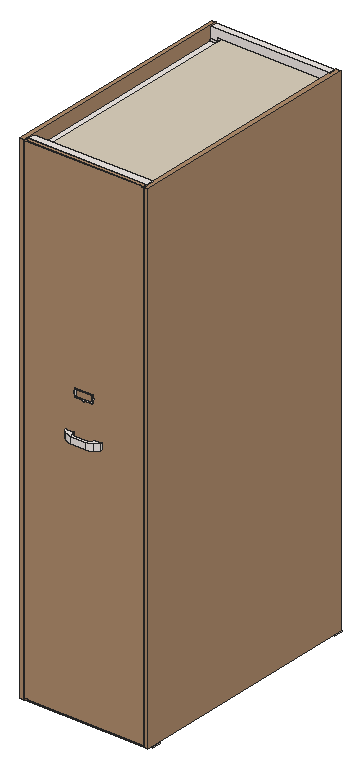
Revit family "MusicLibrarySystem_Wenger_7-Shelf_Single", category Furniture, Revit 2015
Parameters (values of type "Oversized")
  URL = "https://www.wengercorp.com/"
  Type Comments = "7 Shelf, Oversized, 1 Unit"
  Test Data = ""
  Specification = "http://www.arcat.com/sdspecs/htm04/12_35_83wen.htm"
  Show Open [instance] = no
  Shelf Finish = Wenger Oyster (Use Oyster Edge Band Only)
  Shelf Depth = 2' - 10 1/2"
  Sales Information = "https://www.wengercorp.com/contact-us.php"
  Revision = "R1_2018-04"
  Product Data = "http://www.arcat.com/arcatcos/cos36/arc36487.html"
  Model = "7 Shelf Oversized"
  Manufacturer Website = "https://www.wengercorp.com/"
  Manufacturer Phone - Toll Free = "800-4WENGER"
  Manufacturer Phone = "(507) 455-4100"
  Manufacturer Fax = "(507) 455-4258"
  Manufacturer Address = "555 Park Dr., Owatonna, MN 55060"
  Manufacturer = "Wenger Corporation"
  Keynote = "12 35 83"
  Green Building-LEED = "http://www.arcat.com/green/clients/leed_data_36487.html"
  Panel Thickness = 0' - 0 3/4"
  Panel RH [instance] = yes
  Panel LH [instance] = yes
  Panel Finish [instance] = Wenger Cherry (Use Cherry Edge Band Only)
  Open Position [instance] = if((Show Open), 6' 7 1/4", Depth)  # 3' - 7 1/4"
  Height to Bottom Shelf = 0' - 8"
  Height = 7' - 8"
  Tubular Frame Width = 0' - 1 1/2"
  Overall Width = 1' - 10"
  Hardware Finish = Metal - White Powdercoat
  Frame Finish = Metal - White Powdercoat
  Floor Offset = 0' - 0 1/8"
  Edge Banding Finish = Wenger Cherry (Use Cherry Edge Band Only)
  Drawn By = "Sumex Design, Inc. / Robert S. Weygant, CSI, CDT, SCIP"
  Description = "Wenger 7 Shelf Oversized Music Library System"
  Depth = 3' - 7 1/4"
  Cost = 0
  Copyright = "© 2018 Arcat Inc."
  Construction Details = "http://www.arcat.com/details/wengerco/wengerco.html?coid=36487"
  Assembly Code = "E2010200"
Types (2): name | Type Comments | Model | Overall Width | Description
  Oversized | "7 Shelf, Oversized, 1 Unit" | "7 Shelf Oversized" | 1' - 10" | "Wenger 7 Shelf Oversized Music Library System"
  UltraStor | "7 Shelf, Standard, 1 Unit" | "7 Shelf Standard" | 1' - 7" | "Wenger 7 Shelf Standard Music Library System"
Reference planes (in)
  plane 1 "Center (Front/Back)": y = 0.125
  plane 2: z = 0
  plane 3 "Center (Left/Right)": x = 0
  plane 4 "Frame Back": y = 21.75
  plane 5 "Frame Front": y = -21.5
  plane 6 "LEFT ECP INSIDE": x = -9.5
  plane 7 "LEFT ECP OUTSIDE": x = -11
  plane 8 "RIGHT ECP INSIDE": x = 9.5
  plane 9 "RIGHT ECP OUTSIDE": x = 11
  plane 10: z = 92
  plane 11: z = 56
  plane 12: z = 44
  plane 13: z = 32
  plane 14: z = 20
  plane 15 "Bottom Shelf": z = 8
  plane 16: z = 68
  plane 17 "Carriage Front": y = -21.5
  plane 18 "Carriage Back": y = 13
  plane 19 "Door Front": y = -22.25
  plane 20: y = 20.25
  plane 21: y = -20
  plane 22: z = 8.75
  plane 23: z = 7.25
  plane 24: z = 90
  plane 25 "Handle Height": z = 46.125
  plane 26: y = -23.625
  plane 27: z = 53.125
  plane 28 "BO Frame": z = 0.125
  plane 29: x = -11.75
  plane 30: x = 11.75
  plane 31: z = 80
Forms (in)
  Extrusion 1, solid, material "Metal - White Powdercoat" <- "Frame Finish"
    sketch origin (0, 0, 0) x (1, 0, 0) y (0, 1, 0)
      loop
        line (-11, 21.75) -> (-11, 20.25) -> (-9.5, 20.25) -> (-9.5, 21.75) -> (-11, 21.75)
      loop
        line (-10.9375, 21.6875) -> (-10.9375, 20.3125) -> (-9.5625, 20.3125) -> (-9.5625, 21.6875) -> (-10.9375, 21.6875)
      loop
        line (-11, -20) -> (-11, -21.5) -> (-9.5, -21.5) -> (-9.5, -20) -> (-11, -20)
      loop
        line (-10.9375, -20.0625) -> (-10.9375, -21.4375) -> (-9.5625, -21.4375) -> (-9.5625, -20.0625) -> (-10.9375, -20.0625)
    from 0.125 to 90
  Extrusion 2, solid, material "Metal - White Powdercoat" <- "Frame Finish"
    sketch origin (17.5, 0, 0) x (1, 0, 0) y (0, 1, 0)
      loop
        line (-8, 21.75) -> (-8, 20.25) -> (-6.5, 20.25) -> (-6.5, 21.75) -> (-8, 21.75)
      loop
        line (-7.9375, 21.6875) -> (-7.9375, 20.3125) -> (-6.5625, 20.3125) -> (-6.5625, 21.6875) -> (-7.9375, 21.6875)
      loop
        line (-8, -20) -> (-8, -21.5) -> (-6.5, -21.5) -> (-6.5, -20) -> (-8, -20)
      loop
        line (-7.9375, -20.0625) -> (-7.9375, -21.4375) -> (-6.5625, -21.4375) -> (-6.5625, -20.0625) -> (-7.9375, -20.0625)
    from 0.125 to 90
  Extrusion 3, solid, material "Wenger Cherry (Use Cherry Edge Band Only)" <- "Panel Finish"
    sketch origin (0, -21.5, 0) x (0, 0, 1) y (-1, 0, 0)
      loop
        line (92, 11) -> (0.125, 11) -> (0.125, -11) -> (92, -11) -> (92, 11)
    from 0 to 0.75 <- "Panel Thickness"
  Sweep 4, void
    path in 3D
      loop
        line (-11, -22.25, 0.125) -> (11, -22.25, 0.125) -> (11, -22.25, 92) -> (-11, -22.25, 92) -> (-11, -22.25, 0.125)
    profile origin (-11, -22.25, 46.0625) x (-1, 0, 0) y (0, -1, 0)
      loop
        line (0, 0) -> (-0.125, 0)
        arc (-0.125, 0) -> (-0.0366117, -0.0366117) -> (0, -0.125) r 0.125
        line (0, -0.125) -> (0, 0)
      loop
        line (0, -0.75) -> (0, -0.625)
        arc (0, -0.625) -> (-0.0366117, -0.7133883) -> (-0.125, -0.75) r 0.125
        line (-0.125, -0.75) -> (0, -0.75)
  Extrusion 5, solid, material "Metal - White Powdercoat" <- "Frame Finish"
    sketch origin (0, 0.125, 0) x (1, 0, 0) y (0, 0, 1)
      loop
        line (-11, 8.75) -> (-11, 7.25) -> (-9.5, 7.25) -> (-9.5, 8.75) -> (-11, 8.75)
      loop
        line (-11, 89.625) -> (-11, 88.125) -> (-9.5, 88.125) -> (-9.5, 89.625) -> (-11, 89.625)
    from -20.125 to 20.125
  Extrusion 6, solid, material "Metal - White Powdercoat" <- "Frame Finish"
    sketch origin (17.5, 0.125, 0) x (1, 0, 0) y (0, 0, 1)
      loop
        line (-8, 8.75) -> (-8, 7.25) -> (-6.5, 7.25) -> (-6.5, 8.75) -> (-8, 8.75)
      loop
        line (-8, 89.625) -> (-8, 88.125) -> (-6.5, 88.125) -> (-6.5, 89.625) -> (-8, 89.625)
    from -20.125 to 20.125
  Extrusion 7, solid, material "Wenger Oyster (Use Oyster Edge Band Only)" <- "Shelf Finish", detail levels medium+fine
    sketch origin (0, 13, 0) x (0, 0, 1) y (-1, 0, 0)
      loop
        line (20, 9.5) -> (19.25, 9.5) -> (19.25, -9.5) -> (20, -9.5) -> (20, 9.5)
      loop
        line (32, 9.5) -> (31.25, 9.5) -> (31.25, -9.5) -> (32, -9.5) -> (32, 9.5)
      loop
        line (44, 9.5) -> (43.25, 9.5) -> (43.25, -9.5) -> (44, -9.5) -> (44, 9.5)
      loop
        line (56, 9.5) -> (55.25, 9.5) -> (55.25, -9.5) -> (56, -9.5) -> (56, 9.5)
      loop
        line (68, 9.5) -> (67.25, 9.5) -> (67.25, -9.5) -> (68, -9.5) -> (68, 9.5)
      loop
        line (80, 9.5) -> (79.25, 9.5) -> (79.25, -9.5) -> (80, -9.5) -> (80, 9.5)
    from 0 to 34.5
  Extrusion 8, solid, material "Wenger Oyster (Use Oyster Edge Band Only)" <- "Shelf Finish"
    sketch origin (0, 13, 0) x (0, 0, 1) y (-1, 0, 0)
      loop
        line (90, 9.5) -> (89.25, 9.5) -> (89.25, -9.5) -> (90, -9.5) -> (90, 9.5)
      loop
        line (8, 9.5) -> (7.25, 9.5) -> (7.25, -9.5) -> (8, -9.5) -> (8, 9.5)
    from -8.75 to 34.5
  Extrusion 9, solid, material "Wenger Oyster (Use Oyster Edge Band Only)" <- "Shelf Finish"
    sketch origin (0, 0, 8) x (0, 1, 0) y (-1, 0, 0)
      loop
        line (13, 9.5) -> (13, -9.5) -> (13.75, -9.5) -> (13.75, 9.5) -> (13, 9.5)
    from 0 to 81.25
  Extrusion 10, solid, material "Metal - White Powdercoat" <- "Hardware Finish", detail levels fine
    sketch origin (0, 0, 46.125) x (-1, 0, 0) y (0, -1, 0)
      loop
        line (-3.305, 22.25) -> (-1.93, 22.25) -> (-1.93, 22.5) -> (-1.5825311, 22.996237)
        arc (-1.5825311, 22.996237) -> (-1.3814917, 23.1725438) -> (-1.1217581, 23.2361002) r 0.5625
        line (-1.1217581, 23.2361002) -> (1.1224953, 23.2361002)
        arc (1.1224953, 23.2361002) -> (1.381575, 23.1727038) -> (1.5821083, 22.9968408) r 0.5610839
        line (1.5821083, 22.9968408) -> (1.93, 22.5) -> (1.93, 22.25) -> (3.305, 22.25) -> (3.305, 22.5) -> (2.4964469, 23.198928)
        arc (2.4964469, 23.198928) -> (1.9626034, 23.5150265) -> (1.3520193, 23.625) r 1.75
        line (1.3520193, 23.625) -> (-1.3520193, 23.625)
        arc (-1.3520193, 23.625) -> (-1.9626034, 23.5150265) -> (-2.4964469, 23.198928) r 1.75
        line (-2.4964469, 23.198928) -> (-3.305, 22.5) -> (-3.305, 22.25)
    from 0 to 1.125
  Extrusion 11, solid, material "Metal - White Powdercoat" <- "Hardware Finish", detail levels fine
    sketch origin (0, -22.25, 0) x (0, 0, 1) y (-1, 0, 0)
      loop
        line (53.125, 1.5625) -> (53.125, 0.25)
        arc (53.125, 0.25) -> (53, 0) -> (53.125, -0.25) r 0.3125
        line (53.125, -0.25) -> (53.125, -1.5625)
        arc (53.125, -1.5625) -> (53.1433058, -1.6066942) -> (53.1875, -1.625) r 0.0625
        line (53.1875, -1.625) -> (53.625, -1.625)
        arc (53.625, -1.625) -> (53.875, -1.75) -> (54.125, -1.625) r 0.3125
        line (54.125, -1.625) -> (54.5625, -1.625)
        arc (54.5625, -1.625) -> (54.6066942, -1.6066942) -> (54.625, -1.5625) r 0.0625
        line (54.625, -1.5625) -> (54.625, 1.5625)
        arc (54.625, 1.5625) -> (54.6066942, 1.6066942) -> (54.5625, 1.625) r 0.0625
        line (54.5625, 1.625) -> (54.125, 1.625)
        arc (54.125, 1.625) -> (53.875, 1.75) -> (53.625, 1.625) r 0.3125
        line (53.625, 1.625) -> (53.1875, 1.625)
        arc (53.1875, 1.625) -> (53.1433058, 1.6066942) -> (53.125, 1.5625) r 0.0625
      loop
        line (54.5, -1.4375) -> (54.5, 1.4375)
        arc (54.5, 1.4375) -> (54.4816942, 1.4816942) -> (54.4375, 1.5) r 0.0625
        line (54.4375, 1.5) -> (53.3125, 1.5)
        arc (53.3125, 1.5) -> (53.2683058, 1.4816942) -> (53.25, 1.4375) r 0.0625
        line (53.25, 1.4375) -> (53.25, -1.4375)
        arc (53.25, -1.4375) -> (53.2683058, -1.4816942) -> (53.3125, -1.5) r 0.0625
        line (53.3125, -1.5) -> (54.4375, -1.5)
        arc (54.4375, -1.5) -> (54.4816942, -1.4816942) -> (54.5, -1.4375) r 0.0625
    from 0 to 0.125
  Extrusion 12, solid, material "Metal - White Powdercoat" <- "Frame Finish", detail levels medium+fine
    sketch origin (0, 0, 0) x (1, 0, 0) y (0, 1, 0)
      loop
        line (-12, 21.75) -> (-12, 20.25) -> (-8.5, 20.25) -> (-8.5, 21.75) -> (-12, 21.75)
      loop
        line (-12, -20) -> (-12, -21.5) -> (-8.5, -21.5) -> (-8.5, -20) -> (-12, -20)
    from 0 to 0.125
  Extrusion 13, solid, material "Metal - White Powdercoat" <- "Frame Finish", detail levels medium+fine
    sketch origin (17.5, 0, 0) x (1, 0, 0) y (0, 1, 0)
      loop
        line (-9, 21.75) -> (-9, 20.25) -> (-5.5, 20.25) -> (-5.5, 21.75) -> (-9, 21.75)
      loop
        line (-9, -20) -> (-9, -21.5) -> (-5.5, -21.5) -> (-5.5, -20) -> (-9, -20)
    from 0 to 0.125
  Sweep 14, solid, material "Metal - White Powdercoat" <- "Frame Finish"
    path origin (0, -22.25, 0) x (0, 0, 1) y (-1, 0, 0)
      loop
        line (90, 11) -> (92, 11) -> (92, -11) -> (88.9299589, -11)
    profile origin (-11, -22.25, 91) x (-1, 0, 0) y (0, -1, 0)
      loop
        line (-0.0625, -2.1875) -> (-0.0625, -0.8125) -> (-1.4375, -0.8125) -> (-1.4375, -2.1875) -> (-0.0625, -2.1875)
      loop
        line (-0.0625, -42.5625) -> (-1.4375, -42.5625) -> (-1.4375, -43.9375) -> (-0.0625, -43.9375) -> (-0.0625, -42.5625)
  Extrusion 15, solid, material "Wenger Cherry (Use Cherry Edge Band Only)" <- "Panel Finish", visible <- "Panel LH"
    sketch origin (0, 0, 0.125) x (-1, 0, 0) y (0, -1, 0)
      loop
        line (11.75, -21.75) -> (11.75, 22.25) -> (11, 22.25) -> (11, -21.75) -> (11.75, -21.75)
    from 0 to 91.875
  Extrusion 16, solid, material "Wenger Cherry (Use Cherry Edge Band Only)" <- "Panel Finish", visible <- "Panel RH"
    sketch origin (0, 0, 0.125) x (-1, 0, 0) y (0, -1, 0)
      loop
        line (-11, -21.75) -> (-11, 22.25) -> (-11.75, 22.25) -> (-11.75, -21.75) -> (-11, -21.75)
    from 0 to 91.875
Cuts and joins
  Sweep 4 cuts Extrusion 3
Lines and regions (in)
  Masking region 1
    outline origin (0, 0, 0.125) x (-1, 0, 0) y (0, -1, 0)
      loop
        line (11, -21.75) -> (11, 21.5) -> (-11, 21.5) -> (-11, -21.75) -> (11, -21.75)
  Masking region 2, visible <- "Panel LH"
    outline origin (0, 0, 0.125) x (-1, 0, 0) y (0, -1, 0)
      loop
        line (11.75, -21.75) -> (11.75, 21.5) -> (11, 21.5) -> (11, -21.75) -> (11.75, -21.75)
  Masking region 3, visible <- "Panel RH"
    outline origin (0, 0, 0.125) x (-1, 0, 0) y (0, -1, 0)
      loop
        line (-11, -21.75) -> (-11, 21.5) -> (-11.75, 21.5) -> (-11.75, -21.75) -> (-11, -21.75)
  sketch lines
    curve 1: line (-11, -22.25, 92) -> (-11, -22.25, 0.125)
    curve 2: line (11, -22.25, 92) -> (-11, -22.25, 92)
    curve 3: line (11, -22.25, 0.125) -> (11, -22.25, 92)
    curve 4: line (-11, -22.25, 0.125) -> (11, -22.25, 0.125)
Dimensions and locks (in)
  "Tubular Frame Width": plane 7 "LEFT ECP OUTSIDE" to plane 6 "LEFT ECP INSIDE"
  "Tubular Frame Width": plane 8 "RIGHT ECP INSIDE" to plane 9 "RIGHT ECP OUTSIDE"
  equal spacing: plane 6 "LEFT ECP INSIDE", plane 3 "Center (Left/Right)", plane 8 "RIGHT ECP INSIDE"
  "Overall Width": plane 7 "LEFT ECP OUTSIDE" to plane 9 "RIGHT ECP OUTSIDE"
  equal spacing: plane 10, plane 31, plane 16, plane 11, plane 12, plane 13, plane 14, plane 15 "Bottom Shelf"
  "Height to Bottom Shelf": plane 15 "Bottom Shelf" to plane 2
  "Depth": plane 4 "Frame Back" to plane 5 "Frame Front"
  "Shelf Depth": plane 18 "Carriage Back" to plane 17 "Carriage Front"
  "Open Position": plane 4 "Frame Back" to plane 17 "Carriage Front"
  "Panel Thickness": plane 17 "Carriage Front" to plane 19 "Door Front"
  "Tubular Frame Width": plane 4 "Frame Back" to plane 20
  "Tubular Frame Width": plane 21 to plane 5 "Frame Front"
  equal spacing: plane 4 "Frame Back", plane 1 "Center (Front/Back)", plane 5 "Frame Front"
  "Tubular Frame Width": plane 22 to plane 23
  equal spacing: plane 22, plane 15 "Bottom Shelf", plane 23
  "Tubular Frame Width": Extrusion 5 sketch curve to Extrusion 5 sketch curve
  "Tubular Frame Width": Extrusion 6 sketch curve to Extrusion 6 sketch curve
  "Panel Thickness": plane 14 to Extrusion 7 sketch curve
  "Panel Thickness": plane 13 to Extrusion 7 sketch curve
  "Panel Thickness": plane 12 to Extrusion 7 sketch curve
  "Panel Thickness": plane 11 to Extrusion 7 sketch curve
  "Panel Thickness": plane 16 to Extrusion 7 sketch curve
  plane 10 to plane 24 = 0' - 2"
  locked: plane 24 to Extrusion 5 sketch curve at 0.375
  locked: plane 24 to Extrusion 6 sketch curve at 0.375
  "Panel Thickness": plane 24 to Extrusion 8 sketch curve
  "Depth": Extrusion 8 to plane 17 "Carriage Front"
  "Panel Thickness": plane 15 "Bottom Shelf" to Extrusion 8 sketch curve
  "Panel Thickness": plane 18 "Carriage Back" to Extrusion 9 sketch curve
  "Panel Thickness": plane 24 to Extrusion 9
  plane 25 "Handle Height" to plane 28 "BO Frame" = 3' - 10"
  locked: plane 26 to plane 19 "Door Front" at 1.375
  locked: Extrusion 10 to plane 25 "Handle Height" at 1.125
  locked: plane 27 to plane 25 "Handle Height" at 7
  Extrusion 10 sketch curve to Extrusion 10 sketch curve to plane 3 "Center (Left/Right)" to Extrusion 10 sketch curve to Extrusion 10 sketch curve = 0' - 1 3/8" locked, 0' - 1.93" locked, 0' - 1.93" locked, 0' - 1 3/8" locked
  locked: Extrusion 10 sketch curve to Extrusion 10 sketch curve at 0.3888998
  "Floor Offset": plane 28 "BO Frame" to level
  "Height": plane 10 to level
  locked: plane 6 "LEFT ECP INSIDE" to Extrusion 12 sketch curve at 1  (x2)
  locked: Extrusion 12 sketch curve to plane 7 "LEFT ECP OUTSIDE" at 1  (x2)
  "Panel Thickness": plane 29 to plane 7 "LEFT ECP OUTSIDE"
  "Panel Thickness": plane 9 "RIGHT ECP OUTSIDE" to plane 30
  "Panel Thickness": plane 5 "Frame Front" to Extrusion 15 sketch curve
  "Panel Thickness": plane 5 "Frame Front" to Extrusion 16 sketch curve
  "Panel Thickness": plane 31 to Extrusion 7 sketch curve
  "Depth": plane 4 "Frame Back" to Masking region 1 sketch curve
  aligned and locked: plane 2 to level
  aligned and locked: plane 7 "LEFT ECP OUTSIDE" to Extrusion 1 sketch curve  (x2)
  aligned and locked: Extrusion 1 sketch curve to plane 6 "LEFT ECP INSIDE"  (x2)
  aligned and locked: Extrusion 1 sketch curve to plane 4 "Frame Back"
  aligned and locked: plane 20 to Extrusion 1 sketch curve
  aligned and locked: Extrusion 1 sketch curve to plane 21
  aligned and locked: plane 5 "Frame Front" to Extrusion 1 sketch curve
  aligned and locked: Extrusion 2 sketch curve to plane 4 "Frame Back"
  aligned and locked: Extrusion 2 sketch curve to plane 9 "RIGHT ECP OUTSIDE"  (x2)
  aligned and locked: plane 20 to Extrusion 2 sketch curve
  aligned and locked: plane 8 "RIGHT ECP INSIDE" to Extrusion 2 sketch curve  (x2)
  aligned and locked: Extrusion 2 sketch curve to plane 21
  aligned and locked: plane 5 "Frame Front" to Extrusion 2 sketch curve
  aligned and locked: plane 7 "LEFT ECP OUTSIDE" to Extrusion 3 sketch curve
  aligned and locked: Extrusion 3 sketch curve to plane 10
  aligned and locked: Extrusion 3 sketch curve to plane 9 "RIGHT ECP OUTSIDE"
  aligned and locked: Extrusion 5 sketch curve to plane 22
  aligned and locked: plane 23 to Extrusion 5 sketch curve
  aligned and locked: Extrusion 5 to plane 21
  aligned and locked: plane 20 to Extrusion 5
  aligned and locked: plane 8 "RIGHT ECP INSIDE" to Extrusion 6 sketch curve  (x2)
  aligned and locked: Extrusion 6 sketch curve to plane 9 "RIGHT ECP OUTSIDE"  (x2)
  aligned and locked: Extrusion 6 sketch curve to plane 22
  aligned and locked: plane 23 to Extrusion 6 sketch curve
  aligned and locked: plane 20 to Extrusion 6
  aligned and locked: Extrusion 6 to plane 21
  aligned and locked: Extrusion 7 sketch curve to plane 16
  aligned and locked: Extrusion 7 sketch curve to plane 11
  aligned and locked: Extrusion 7 sketch curve to plane 12
  aligned and locked: Extrusion 7 sketch curve to plane 13
  aligned and locked: Extrusion 7 sketch curve to plane 14
  aligned and locked: plane 6 "LEFT ECP INSIDE" to Extrusion 7 sketch curve  (x6)
  aligned and locked: Extrusion 7 sketch curve to plane 8 "RIGHT ECP INSIDE"  (x6)
  aligned and locked: plane 17 "Carriage Front" to Extrusion 7
  aligned and locked: plane 24 to Extrusion 2
  aligned and locked: plane 24 to Extrusion 1
  aligned and locked: Extrusion 8 sketch curve to plane 24
  aligned and locked: plane 6 "LEFT ECP INSIDE" to Extrusion 8 sketch curve  (x2)
  aligned and locked: Extrusion 8 sketch curve to plane 8 "RIGHT ECP INSIDE"  (x2)
  aligned and locked: plane 17 "Carriage Front" to Extrusion 8
  aligned and locked: Extrusion 8 sketch curve to plane 15 "Bottom Shelf"
  aligned and locked: Extrusion 9 sketch curve to plane 6 "LEFT ECP INSIDE"
  aligned and locked: plane 8 "RIGHT ECP INSIDE" to Extrusion 9 sketch curve
  aligned and locked: plane 18 "Carriage Back" to Extrusion 9 sketch curve
  aligned and locked: Extrusion 10 sketch curve to plane 19 "Door Front"
  aligned and locked: plane 19 "Door Front" to Extrusion 10 sketch curve
  aligned and locked: Extrusion 10 sketch curve to plane 26
  aligned and locked: plane 28 "BO Frame" to Extrusion 3 sketch curve
  aligned and locked: Extrusion 1 to plane 28 "BO Frame"
  aligned and locked: Extrusion 2 to Extrusion 1
  aligned and locked: plane 20 to Extrusion 12 sketch curve
  aligned and locked: Extrusion 12 sketch curve to plane 4 "Frame Back"
  aligned and locked: Extrusion 12 sketch curve to plane 21
  aligned and locked: plane 5 "Frame Front" to Extrusion 12 sketch curve
  aligned and locked: Extrusion 12 to level
  aligned and locked: plane 28 "BO Frame" to Extrusion 12
  aligned and locked: plane 28 "BO Frame" to Extrusion 13
  aligned and locked: Extrusion 13 to level
  aligned and locked: Sweep 14 sketch curve to plane 9 "RIGHT ECP OUTSIDE"
  aligned and locked: Sweep 14 sketch curve to plane 10
  aligned and locked: plane 7 "LEFT ECP OUTSIDE" to Sweep 14 sketch curve
  aligned and locked: Sweep 14 sketch curve to Extrusion 1  (x8)
  aligned and locked: plane 29 to Extrusion 15 sketch curve
  aligned and locked: Extrusion 15 sketch curve to plane 7 "LEFT ECP OUTSIDE"
  aligned and locked: Extrusion 15 sketch curve to plane 4 "Frame Back"
  aligned and locked: plane 10 to Extrusion 15
  aligned and locked: Extrusion 15 to plane 28 "BO Frame"
  aligned and locked: plane 9 "RIGHT ECP OUTSIDE" to Extrusion 16 sketch curve
  aligned and locked: Extrusion 16 sketch curve to plane 30
  aligned and locked: Extrusion 16 sketch curve to plane 4 "Frame Back"
  aligned and locked: Extrusion 16 to plane 28 "BO Frame"
  aligned and locked: plane 10 to Extrusion 16
  aligned and locked: Extrusion 5 sketch curve to plane 6 "LEFT ECP INSIDE"
  aligned and locked: plane 7 "LEFT ECP OUTSIDE" to Extrusion 5 sketch curve
  aligned and locked: Extrusion 7 sketch curve to plane 31
  aligned and locked: Masking region 1 sketch curve to plane 4 "Frame Back"
  aligned and locked: plane 7 "LEFT ECP OUTSIDE" to Masking region 1 sketch curve
  aligned and locked: Masking region 1 sketch curve to plane 9 "RIGHT ECP OUTSIDE"
  aligned and locked: Masking region 2 sketch curve to plane 4 "Frame Back"
  aligned and locked: plane 29 to Masking region 2 sketch curve
  aligned and locked: plane 5 "Frame Front" to Masking region 2 sketch curve
  aligned and locked: Masking region 2 sketch curve to plane 7 "LEFT ECP OUTSIDE"
  aligned and locked: Masking region 3 sketch curve to plane 4 "Frame Back"
  aligned and locked: plane 9 "RIGHT ECP OUTSIDE" to Masking region 3 sketch curve
  aligned and locked: plane 5 "Frame Front" to Masking region 3 sketch curve
  aligned and locked: Masking region 3 sketch curve to plane 30
  aligned and locked: plane 1 "Center (Front/Back)" to nested 1
  aligned and locked: plane 3 "Center (Left/Right)" to nested 1
Automatic sketch dimensions
  plane 7 "LEFT ECP OUTSIDE" to Extrusion 1 sketch curve = 0' - 0 1/16"  (x2)
  Extrusion 1 sketch curve to plane 6 "LEFT ECP INSIDE" = 0' - 0 1/16"  (x2)
  plane 5 "Frame Front" to Extrusion 1 sketch curve = 0' - 0 1/16"
  Extrusion 1 sketch curve to plane 21 = 0' - 0 1/16"
  plane 20 to Extrusion 1 sketch curve = 0' - 0 1/16"
  Extrusion 1 sketch curve to plane 4 "Frame Back" = 0' - 0 1/16"
  plane 8 "RIGHT ECP INSIDE" to Extrusion 2 sketch curve = 0' - 0 1/16"  (x2)
  Extrusion 2 sketch curve to plane 9 "RIGHT ECP OUTSIDE" = 0' - 0 1/16"  (x2)
  plane 5 "Frame Front" to Extrusion 2 sketch curve = 0' - 0 1/16"
  Extrusion 2 sketch curve to plane 21 = 0' - 0 1/16"
  plane 20 to Extrusion 2 sketch curve = 0' - 0 1/16"
  Extrusion 2 sketch curve to plane 4 "Frame Back" = 0' - 0 1/16"
  Sweep 4 sketch curve to profile plane = 0' - 0"  (x3)
  Sweep 4 sketch curve to Sweep 4 sketch curve = 0' - 0 1/8"
  profile plane to Sweep 4 sketch curve = 0' - 0 1/8"
  Sweep 4 sketch curve to Sweep 4 sketch curve = 0' - 0 1/2"
  Extrusion 5 sketch curve to plane 7 "LEFT ECP OUTSIDE" = 0' - 0"
  Extrusion 5 sketch curve to plane 6 "LEFT ECP INSIDE" = 0' - 0"
  plane 26 to Extrusion 10 sketch curve = 0' - 0.42607"  (x2)
  Extrusion 10 sketch curve to Extrusion 10 sketch curve = 0' - 0.56645"  (x2)
  plane 26 to Extrusion 10 sketch curve = 0' - 0.62876"
  Extrusion 10 sketch curve to Extrusion 10 sketch curve = 0' - 0.34747"
  plane 17 "Carriage Front" to Extrusion 10 sketch curve = 0' - 0 3/8"
  plane 19 "Door Front" to Extrusion 10 sketch curve = 0' - 0.4236"
  Extrusion 10 sketch curve to Extrusion 10 sketch curve = 0' - 0.8075"
  Extrusion 10 sketch curve to Extrusion 10 sketch curve = 0' - 0.22952"
  plane 26 to Extrusion 10 sketch curve = 0' - 0.62816"
  Extrusion 10 sketch curve to Extrusion 10 sketch curve = 0' - 0.45961"
  plane 19 "Door Front" to Extrusion 10 sketch curve = 0' - 0 1/4"  (x4)
  Extrusion 11 sketch curve to plane 27 = 0' - 0"  (x2)
  Extrusion 11 sketch curve to plane 3 "Center (Left/Right)" = 0' - 0"
  Extrusion 11 sketch curve to Extrusion 11 sketch curve = 0' - 0 1/16"  (x7)
  plane 27 to Extrusion 11 sketch curve = 0' - 0 1/8"
  plane 27 to Extrusion 11 sketch curve = 0' - 0 3/16"
  Extrusion 11 sketch curve to Extrusion 11 sketch curve = 0' - 0 5/16"  (x4)
  Extrusion 11 sketch curve to Extrusion 11 sketch curve = 0' - 0 1/4"  (x4)
  Extrusion 11 sketch curve to Extrusion 11 sketch curve = 0' - 0 1/8"  (x3)
  plane 3 "Center (Left/Right)" to Extrusion 11 sketch curve = 0' - 0 1/4"
  Extrusion 11 sketch curve to Extrusion 11 sketch curve = 0' - 1 3/16"
  Extrusion 11 sketch curve to Extrusion 11 sketch curve = 0' - 0"  (x2)
  Extrusion 11 sketch curve to plane 3 "Center (Left/Right)" = 0' - 1 7/16"
  Extrusion 13 sketch curve to plane 4 "Frame Back" = 0' - 0"
  Extrusion 13 sketch curve to plane 5 "Frame Front" = 0' - 0"
  Extrusion 13 sketch curve to plane 20 = 0' - 0"
  Extrusion 13 sketch curve to plane 21 = 0' - 0"
  Extrusion 13 sketch curve to plane 8 "RIGHT ECP INSIDE" = 0' - 1"  (x2)
  plane 9 "RIGHT ECP OUTSIDE" to Extrusion 13 sketch curve = 0' - 1"  (x2)
  Sweep 14 sketch curve to plane 24 = 0' - 0"
  Sweep 14 sketch curve to plane 24 = 0' - 1.07004"
Nested families (in)
  nested 1: "Labels" at (0, 0.125, 0), type "Labels"
Definition of nested family "Labels"
  Parameters (values of type "Labels")
    Cabinet Label = "#53N"
  Reference planes (in)
    plane 1: y = 0
    plane 2: x = 0
  Text (in)
    label "xxxx" at (-0.0001827, 0.007539, 0), shows "Cabinet Label"
